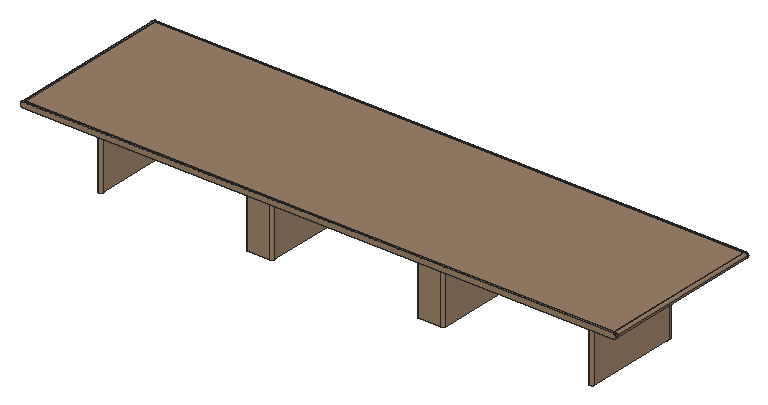
Revit family "Table-Teknion-CFTBFG_Figure_Table_Rectangular_Gable_Leg_Bullnose_Flat_Edge-R2023", category Furniture, Revit 2023 (continued)
Definition of nested family "12 Inch Standard Recessed Access Door"
  Lines and regions (in)
    Masking region 1
      outline origin (-2.51969, 0, 0) x (1, 0, 0) y (0, 1, 0)
        loop
          arc (1358.18774, -151.85039) -> (1358.15351, -151.93304) -> (1358.07087, -151.96727) r 0.11687
          line (1358.07087, -151.96727) -> (1346.9685, -151.96727)
          arc (1346.9685, -151.96727) -> (1346.88586, -151.93304) -> (1346.85163, -151.85039) r 0.11687
          line (1346.85163, -151.85039) -> (1346.85163, -151.55173) -> (1346.77955, -151.55173)
    symbolic lines
      curve 1: line (1344.22024, -152.28346, 0) -> (1344.22024, -147.71654, 0)
      curve 2: line (1344.49213, -147.44465, 0) -> (1355.50787, -147.44465, 0)
      curve 3: arc (1344.22024, -147.71654, 0) -> (1344.29987, -147.52428, 0) -> (1344.49213, -147.44465, 0) r 0.27189
      curve 4: line (1355.77976, -147.71654, 0) -> (1355.77976, -152.28346, 0)
      curve 5: arc (1355.50787, -147.44465, 0) -> (1355.70013, -147.52428, 0) -> (1355.77976, -147.71654, 0) r 0.27189
      curve 6: line (1355.50787, -152.55535, 0) -> (1344.49213, -152.55535, 0)
      curve 7: arc (1355.77976, -152.28346, 0) -> (1355.70013, -152.47572, 0) -> (1355.50787, -152.55535, 0) r 0.27189
      curve 8: arc (1344.49213, -152.55535, 0) -> (1344.29987, -152.47572, 0) -> (1344.22024, -152.28346, 0) r 0.27189
      curve 9: line (1344.33195, -148.14961, 0) -> (1344.33195, -151.85039, 0)
      curve 10: line (1355.66805, -151.85039, 0) -> (1355.66805, -148.14961, 0)
      curve 11: line (1344.25986, -147.71654, 0) -> (1344.25986, -152.28346, 0)
      curve 12: line (1355.74014, -147.71654, 0) -> (1355.74014, -152.28346, 0)
      curve 41: line (1344.33195, -148.14961, 0) -> (1344.33195, -151.85039, 0)
      curve 42: line (1355.55118, -148.03273, 0) -> (1344.44882, -148.03273, 0)
      curve 43: arc (1344.44882, -148.03273, 0) -> (1344.36618, -148.06696, 0) -> (1344.33195, -148.14961, 0) r 0.11687
      curve 44: line (1355.66805, -151.85039, 0) -> (1355.66805, -148.14961, 0)
      curve 45: arc (1355.66805, -148.14961, 0) -> (1355.63382, -148.06696, 0) -> (1355.55118, -148.03273, 0) r 0.11687
      curve 46: line (1344.44882, -151.96727, 0) -> (1355.55118, -151.96727, 0)
      curve 47: arc (1355.55118, -151.96727, 0) -> (1355.63382, -151.93304, 0) -> (1355.66805, -151.85039, 0) r 0.11687
      curve 48: arc (1344.33195, -151.85039, 0) -> (1344.36618, -151.93304, 0) -> (1344.44882, -151.96727, 0) r 0.11687
      curve 49: line (1344.25986, -152.28346, 0) -> (1344.25986, -151.55173, 0)
      curve 50: line (1355.50787, -152.51573, 0) -> (1344.49213, -152.51573, 0)
      curve 51: arc (1344.49213, -152.51573, 0) -> (1344.32789, -152.4477, 0) -> (1344.25986, -152.28346, 0) r 0.23226
      curve 52: line (1355.74014, -151.55173, 0) -> (1355.74014, -152.28346, 0)
      curve 53: arc (1355.74014, -152.28346, 0) -> (1355.67211, -152.4477, 0) -> (1355.50787, -152.51573, 0) r 0.23226
      curve 54: line (1344.25986, -148.44827, 0) -> (1344.25986, -147.71654, 0)
      curve 55: line (1344.49213, -147.48427, 0) -> (1355.50787, -147.48427, 0)
      curve 56: arc (1344.25986, -147.71654, 0) -> (1344.32789, -147.5523, 0) -> (1344.49213, -147.48427, 0) r 0.23226
      curve 57: line (1355.74014, -147.71654, 0) -> (1355.74014, -148.44827, 0)
      curve 58: arc (1355.50787, -147.48427, 0) -> (1355.67211, -147.5523, 0) -> (1355.74014, -147.71654, 0) r 0.23226
      curve 59: line (1355.56299, -147.19685, 0) -> (1344.43701, -147.19685, 0)
      curve 60: arc (1344.43701, -147.19685, 0) -> (1344.10851, -147.33292, 0) -> (1343.97244, -147.66142, 0) r 0.46457
      curve 61: line (1343.97244, -147.66142, 0) -> (1343.97244, -152.33858, 0)
      curve 62: arc (1343.97244, -152.33858, 0) -> (1344.10851, -152.66708, 0) -> (1344.43701, -152.80315, 0) r 0.46457
      curve 63: line (1344.43701, -152.80315, 0) -> (1355.56299, -152.80315, 0)
      curve 64: arc (1355.56299, -152.80315, 0) -> (1355.89149, -152.66708, 0) -> (1356.02756, -152.33858, 0) r 0.46457
      curve 65: line (1356.02756, -152.33858, 0) -> (1356.02756, -147.66142, 0)
      curve 66: arc (1356.02756, -147.66142, 0) -> (1355.89149, -147.33292, 0) -> (1355.56299, -147.19685, 0) r 0.46457
    symbolic lines, detail levels medium+fine
      curve 13: line (1345.02559, -150.97283, 0) -> (1345.50591, -150.97283, 0)
      curve 14: line (1345.50591, -150.97283, 0) -> (1345.50591, -151.5626, 0)
      curve 15: line (1345.50591, -151.5626, 0) -> (1345.02559, -151.5626, 0)
      curve 16: line (1345.02559, -151.5626, 0) -> (1345.02559, -150.97283, 0)
      curve 17: line (1354.49409, -148.4374, 0) -> (1354.97441, -148.4374, 0)
      curve 18: line (1354.49409, -149.02717, 0) -> (1354.49409, -148.4374, 0)
      curve 19: line (1354.97441, -149.02717, 0) -> (1354.49409, -149.02717, 0)
      curve 20: line (1354.97441, -148.4374, 0) -> (1354.97441, -149.02717, 0)
      curve 21: line (1344.53543, -148.44685, 0) -> (1344.95276, -148.44685, 0)
      curve 22: line (1344.53543, -151.55315, 0) -> (1344.53543, -148.44685, 0)
      curve 23: line (1344.95276, -151.55315, 0) -> (1344.53543, -151.55315, 0)
      curve 24: line (1344.95276, -148.44685, 0) -> (1344.95276, -151.55315, 0)
      curve 25: line (1344.50394, -151.55173, 0) -> (1344.22024, -151.55173, 0)
      curve 26: line (1344.50394, -151.55173, 0) -> (1344.50394, -148.44827, 0)
      curve 27: line (1344.50394, -148.44827, 0) -> (1344.22024, -148.44827, 0)
      curve 28: line (1344.25986, -148.55314, 0) -> (1344.89764, -148.55314, 0)
      curve 29: line (1344.89764, -148.55314, 0) -> (1344.89764, -151.44686, 0)
      curve 30: line (1344.89764, -151.44686, 0) -> (1344.25986, -151.44686, 0)
      curve 31: line (1355.46457, -148.44685, 0) -> (1355.04724, -148.44685, 0)
      curve 32: line (1355.46457, -151.55315, 0) -> (1355.46457, -148.44685, 0)
      curve 33: line (1355.04724, -151.55315, 0) -> (1355.46457, -151.55315, 0)
      curve 34: line (1355.04724, -148.44685, 0) -> (1355.04724, -151.55315, 0)
      curve 35: line (1355.49606, -151.55173, 0) -> (1355.77976, -151.55173, 0)
      curve 36: line (1355.49606, -151.55173, 0) -> (1355.49606, -148.44827, 0)
      curve 37: line (1355.49606, -148.44827, 0) -> (1355.77976, -148.44827, 0)
      curve 38: line (1355.74014, -148.55314, 0) -> (1355.10236, -148.55314, 0)
      curve 39: line (1355.10236, -148.55314, 0) -> (1355.10236, -151.44686, 0)
      curve 40: line (1355.10236, -151.44686, 0) -> (1355.74014, -151.44686, 0)
  Dimensions and locks (in)
    plane 4 "Left" to plane 5 "Right" = 12.05512"
    plane 6 "Back" to plane 7 "Front" = 5.6063"
    locked: plane 8 "Top" to level at 29.06
    equal spacing: plane 7 "Front", plane 1 "Center Front/Back", plane 6 "Back"
    equal spacing: plane 4 "Left", plane 3 "Center Left/Right", plane 5 "Right"
    plane 9 to plane 8 "Top" to plane 10 = 0.07087" locked, 1.50394" locked
    aligned and locked: level to plane 2
    aligned and locked: Sweep 6 sketch curve to plane 3 "Center Left/Right"
    aligned and locked: plane 3 "Center Left/Right" to SweptBlend 8 sketch curve
    aligned and locked: Sweep 10 sketch curve to plane 1 "Center Front/Back"
  Automatic sketch dimensions
    Sweep 1 sketch curve to plane 3 "Center Left/Right" = 0.000"
    Sweep 1 sketch curve to plane 8 "Top" = 0.12598"
    plane 8 "Top" to Sweep 1 sketch curve = 0.0315"
    Sweep 1 sketch curve to plane 1 "Center Front/Back" = 1.96727"
    Sweep 1 sketch curve to Sweep 1 sketch curve = 0.11687"  (x3)
    plane 1 "Center Front/Back" to Sweep 1 sketch curve = 1.85039"  (x2)
    profile plane to Sweep 1 sketch curve = 5.66805"
    Sweep 1 sketch curve to profile plane = 5.55118"
    plane 4 "Left" to Sweep 2 sketch curve = 1.05315"
    plane 1 "Center Front/Back" to Sweep 2 sketch curve = 0.97077"
    Sweep 2 sketch curve to Sweep 2 sketch curve = 0.48031"
    Sweep 2 sketch curve to profile plane = 0.000"
    profile plane to Sweep 2 sketch curve = 0.01169"
    Sweep 2 sketch curve to Sweep 2 sketch curve = 0.28526"
    Sweep 2 sketch curve to Sweep 2 sketch curve = 0.01169"
    level to Sweep 2 sketch curve = 28.65831"
    Sweep 2 sketch curve to Sweep 2 sketch curve = 0.33476"
    plane 5 "Right" to Sweep 3 sketch curve = 1.53346"
    Sweep 3 sketch curve to plane 6 "Back" = 1.23848"
    Sweep 3 sketch curve to Sweep 3 sketch curve = 0.48031"
    Sweep 3 sketch curve to profile plane = 0.000"
    profile plane to Sweep 3 sketch curve = 0.01169"
    Sweep 3 sketch curve to Sweep 3 sketch curve = 0.28526"
    Sweep 3 sketch curve to Sweep 3 sketch curve = 0.01169"
    level to Sweep 3 sketch curve = 28.65831"
    Sweep 3 sketch curve to Sweep 3 sketch curve = 0.33476"
    plane 1 "Center Front/Back" to Sweep 4 sketch curve = 0.000"
    plane 4 "Left" to Sweep 4 sketch curve = 0.56299"
    Sweep 4 sketch curve to Sweep 4 sketch curve = 0.41732"
    Sweep 4 sketch curve to Sweep 4 sketch curve = 0.000"  (x4)
    profile plane to Sweep 4 sketch curve = 1.26772"
    Sweep 4 sketch curve to profile plane = 1.26772"
    level to Sweep 4 sketch curve = 28.38283"
    Sweep 4 sketch curve to Sweep 4 sketch curve = 0.28543"
    plane 1 "Center Front/Back" to Sweep 5 sketch curve = 0.000"
    plane 5 "Right" to Sweep 5 sketch curve = 0.56299"
    Sweep 5 sketch curve to Sweep 5 sketch curve = 0.41732"
    Sweep 5 sketch curve to Sweep 5 sketch curve = 0.000"  (x4)
    profile plane to Sweep 5 sketch curve = 1.26772"
    Sweep 5 sketch curve to profile plane = 1.26772"
    level to Sweep 5 sketch curve = 28.38283"
    Sweep 5 sketch curve to Sweep 5 sketch curve = 0.28543"
    Sweep 6 sketch curve to plane 10 = 0.000"
    Sweep 6 sketch curve to Sweep 6 sketch curve = 0.74566"
    Sweep 6 sketch curve to Sweep 6 sketch curve = 0.000"  (x8)
    Sweep 6 sketch curve to plane 1 "Center Front/Back" = 2.60628"
    Sweep 6 sketch curve to Sweep 6 sketch curve = 0.09055"  (x2)
    Sweep 6 sketch curve to Sweep 6 sketch curve = 0.23226"  (x3)
    Sweep 6 sketch curve to Sweep 6 sketch curve = 0.8366"  (x4)
    Sweep 6 sketch curve to Sweep 6 sketch curve = 0.09061"  (x4)
    plane 1 "Center Front/Back" to Sweep 6 sketch curve = 1.35626"  (x2)
    profile plane to Sweep 6 sketch curve = 5.83069"
    Sweep 6 sketch curve to Sweep 6 sketch curve = 0.63777"
    Sweep 6 sketch curve to profile plane = 5.10236"
    Sweep 6 sketch curve to Sweep 6 sketch curve = 0.40551"
    SweptBlend 7 sketch curve to plane 3 "Center Left/Right" = 0.000"
    SweptBlend 7 sketch curve to plane 8 "Top" = 0.000"
    plane 10 to SweptBlend 7 sketch curve = 0.74566"
    profile plane to SweptBlend 7 sketch curve = 5.83069"
    SweptBlend 7 sketch curve to SweptBlend 7 sketch curve = 0.32281"  (x3)
    SweptBlend 7 sketch curve to profile plane = 5.50787"  (x3)
    SweptBlend 7 sketch curve to plane 1 "Center Front/Back" = 2.60628"
    plane 1 "Center Front/Back" to SweptBlend 7 sketch curve = 2.28346"  (x2)
    SweptBlend 8 sketch curve to plane 9 = 0.000"
    plane 10 to SweptBlend 8 sketch curve = 0.74566"
    profile plane to SweptBlend 8 sketch curve = 5.74014"
    SweptBlend 8 sketch curve to SweptBlend 8 sketch curve = 0.23226"  (x3)
    SweptBlend 8 sketch curve to profile plane = 5.50787"  (x4)
    SweptBlend 8 sketch curve to plane 1 "Center Front/Back" = 2.51573"
    plane 1 "Center Front/Back" to SweptBlend 8 sketch curve = 2.28346"  (x2)
    profile plane to SweptBlend 8 sketch curve = 5.78346"
    SweptBlend 8 sketch curve to SweptBlend 8 sketch curve = 0.27559"  (x3)
    SweptBlend 8 sketch curve to plane 1 "Center Front/Back" = 2.28346"
    Sweep 9 sketch curve to plane 3 "Center Left/Right" = 0.000"
    Sweep 9 sketch curve to plane 8 "Top" = 0.000"
    Sweep 9 sketch curve to plane 9 = 0.000"
    Sweep 9 sketch curve to plane 1 "Center Front/Back" = 2.80315"
    Sweep 9 sketch curve to Sweep 9 sketch curve = 0.2478"  (x2)
    Sweep 9 sketch curve to Sweep 9 sketch curve = 0.21677"  (x4)
    Sweep 9 sketch curve to Sweep 9 sketch curve = 0.05512"  (x5)
    plane 1 "Center Front/Back" to Sweep 9 sketch curve = 2.28346"  (x2)
    profile plane to Sweep 9 sketch curve = 6.02756"
    Sweep 9 sketch curve to profile plane = 5.50787"
    plane 4 "Left" to Sweep 10 sketch curve = 0.22679"
    Sweep 10 sketch curve to Sweep 10 sketch curve = 0.30471"
    profile plane to Sweep 10 sketch curve = 1.55173"
    Sweep 10 sketch curve to Sweep 10 sketch curve = 0.01431"
    Sweep 10 sketch curve to Sweep 10 sketch curve = 0.07874"  (x2)
    Sweep 10 sketch curve to Sweep 10 sketch curve = 0.00137"  (x2)
    Sweep 10 sketch curve to Sweep 10 sketch curve = 0.23608"  (x2)
    Sweep 10 sketch curve to profile plane = 1.30134"
    Sweep 10 sketch curve to Sweep 10 sketch curve = 0.17027"
    level to Sweep 10 sketch curve = 28.30409"
    Sweep 10 sketch curve to Sweep 10 sketch curve = 0.000"
    Sweep 10 sketch curve to Sweep 10 sketch curve = 0.03937"
    Sweep 10 sketch curve to Sweep 10 sketch curve = 0.3622"  (x2)
    Sweep 10 sketch curve to Sweep 10 sketch curve = 0.00824"
    plane 1 "Center Front/Back" to Sweep 11 sketch curve = 0.000"
    plane 5 "Right" to Sweep 11 sketch curve = 0.22679"
    Sweep 11 sketch curve to Sweep 11 sketch curve = 0.30471"
    profile plane to Sweep 11 sketch curve = 1.55173"
    Sweep 11 sketch curve to Sweep 11 sketch curve = 0.01431"
    Sweep 11 sketch curve to Sweep 11 sketch curve = 0.07874"  (x2)
    Sweep 11 sketch curve to Sweep 11 sketch curve = 0.00137"  (x2)
    Sweep 11 sketch curve to Sweep 11 sketch curve = 0.23608"  (x2)
    Sweep 11 sketch curve to profile plane = 1.30134"
    Sweep 11 sketch curve to Sweep 11 sketch curve = 0.17027"
    level to Sweep 11 sketch curve = 28.30409"
    Sweep 11 sketch curve to Sweep 11 sketch curve = 0.000"
    Sweep 11 sketch curve to Sweep 11 sketch curve = 0.03937"
    Sweep 11 sketch curve to Sweep 11 sketch curve = 0.3622"  (x2)
    Sweep 11 sketch curve to Sweep 11 sketch curve = 0.00824"
    SweptBlend 7 sketch curve to plane 1 "Center Front/Back" = 2.28346"
    profile plane to SweptBlend 7 sketch curve = 5.87043"
    SweptBlend 7 sketch curve to SweptBlend 7 sketch curve = 0.36255"  (x3)
    SweptBlend 7 sketch curve to SweptBlend 7 sketch curve = 0.000"
    curve 3 to curve 56 = 0.000"  (x2)
    curve 5 to curve 58 = 0.000"  (x2)
    curve 7 to curve 53 = 0.000"
    curve 8 to curve 51 = 0.000"  (x2)
    plane 6 "Back" to curve 59 = 0.000"
    plane 7 "Front" to curve 62 = 0.000"
    curve 61 to plane 7 "Front" = 0.46457"
    plane 5 "Right" to curve 61 = 12.05512"
    curve 60 to curve 1 = 0.2478"
    curve 3 to curve 54 = 0.03963"
    curve 54 to curve 9 = 0.07208"
    curve 11 to curve 59 = 0.17714"
    curve 48 to curve 46 = 0.11687"
    curve 43 to curve 42 = 0.11687"
    curve 62 to curve 6 = 0.05512"
    curve 60 to curve 3 = 0.05512"
    curve 49 to curve 26 = 0.24407"
    curve 26 to curve 22 = 0.0315"
    curve 22 to curve 30 = 0.3622"
    curve 29 to curve 23 = 0.05512"
    curve 23 to curve 15 = 0.07283"
    curve 15 to curve 14 = 0.48031"
    curve 18 to plane 6 "Back" = 1.24055"
    curve 21 to curve 18 = 9.54134"
    curve 18 to curve 19 = 0.48031"
    curve 33 to plane 7 "Front" = 1.250"
    curve 19 to curve 33 = 0.07283"
    curve 31 to curve 39 = 0.05512"
    curve 39 to curve 33 = 0.3622"
    curve 31 to curve 36 = 0.0315"
    curve 2 to plane 6 "Back" = 0.2478"
    curve 31 to curve 2 = 0.04331"
    curve 32 to curve 53 = 0.04331"
    curve 35 to curve 47 = 0.05512"
    curve 36 to curve 45 = 0.05512"
    curve 5 to curve 66 = 0.05512"
    curve 7 to curve 64 = 0.05512"
    curve 47 to curve 44 = 0.11687"
    curve 66 to curve 57 = 0.17714"
    curve 4 to curve 65 = 0.2478"
    curve 6 to curve 64 = 0.21677"
    curve 51 to curve 46 = 0.3162"
    curve 48 to curve 14 = 0.28779"
    curve 15 to curve 23 = 0.00945"
    curve 32 to curve 36 = 0.00142"
    curve 22 to curve 26 = 0.00142"
    curve 33 to curve 39 = 0.10628"
    curve 23 to curve 29 = 0.10628"
    curve 14 to curve 13 = 0.58977"
    curve 19 to curve 17 = 0.58977"
    curve 39 to curve 17 = 0.11574"
    curve 28 to curve 56 = 0.8366"
    curve 28 to curve 27 = 0.10486"
    curve 38 to curve 37 = 0.10486"
    curve 36 to curve 31 = 0.00142"
    curve 28 to curve 24 = 0.10628"
    curve 57 to curve 10 = 0.29867"
    plane 6 "Back" to Masking region 1 sketch curve = 0.000"
    plane 7 "Front" to Masking region 1 sketch curve = 0.000"
    Masking region 1 sketch curve to plane 7 "Front" = 0.46457"
    plane 5 "Right" to Masking region 1 sketch curve = 12.05512"
    Masking region 1 sketch curve to Masking region 1 sketch curve = 0.28742"  (x2)
    Masking region 1 sketch curve to Masking region 1 sketch curve = 0.17714"  (x3)
    Masking region 1 sketch curve to Masking region 1 sketch curve = 0.07208"  (x3)
    Masking region 1 sketch curve to Masking region 1 sketch curve = 0.11687"  (x4)
    Masking region 1 sketch curve to Masking region 1 sketch curve = 0.05512"  (x4)
    Masking region 1 sketch curve to plane 7 "Front" = 0.28742"
    Masking region 1 sketch curve to Masking region 1 sketch curve = 11.01575"
    Masking region 1 sketch curve to plane 6 "Back" = 0.51969"
    Masking region 1 sketch curve to Masking region 1 sketch curve = 0.000"
    Masking region 1 sketch curve to Masking region 1 sketch curve = 0.04331"  (x2)
    Masking region 1 sketch curve to Masking region 1 sketch curve = 0.3162"
    Masking region 1 sketch curve to Masking region 1 sketch curve = 0.29867"  (x3)
    Masking region 1 sketch curve to Masking region 1 sketch curve = 0.73174"  (x2)
Definition of nested family "Softened Panel"
  Parameters (values of type "Softened Panel")
    Warranty = "http://www.teknion.com/ca/papers/legal-canada"
    Unit Weight URL = "http://www.teknion.com/ca/tools/assets#&asset=bee6a381-b954-425e-8283-5a2de3a804f2,f828d448-4b62-4231-9e5f-9a8991c0ed77"
    URL = "www.teknion.com"
    To render please download texture images found here [instance] = "https://assets.teknion.com/web/5e81352c1dfdb467/revit-material-swatches/"
    Sustainability Data = "https://www.teknion.com/ca/tools/assets#&topic=216f99a5-57a0-44fc-b10a-9dee9b29ae4c&asset=444deb64-fe58-4b68-981e-f75e97781df7,b4ff2d81-9f2e-437d-9659-7cffb09c31cf"
    Series = ""
    Product Page URL = ""
    Product Line = ""
    Product Documentation Link = ""
    Part Number = ""
    Panel Width [instance] = 36.000"
    Model = ""
    Manufacturer Phone = "416-661-3370"  # constant formula
    Manufacturer Fax = "416.661.4586"  # constant formula
    Manufacturer Contact Information = "http://www.teknion.com/ca/contactus"
    Manufacturer Address = "1150 Flint Road, Toronto, ON. M3J 2J5. Canada"  # constant formula
    Manufacturer = "Teknion"  # constant formula
    How To Use Teknion Materials User Guide [instance] = "https://assets.teknion.com/m/205dd0a49fa58060/original/How-to-add-a-Material-Library-and-Texture-Images-to-your-Revit-project.pdf"
    Glide Finish [instance] = none
    For Additional Finishes please visit [instance] = "https://assets.teknion.com/m/44a8009b046e5d47/original/Teknion_Materials_Library.zip"
    Cut 3 [instance] = if(Panel Width = 36.000", 0.300", 5.000")  # 0.300"
    Cut 2 [instance] = if(Panel Width = 36.000", 0.300", 15.000")  # 0.300"
    Cut 1 [instance] = if(Panel Width = 30.000", 0.300", 15.000")  # 15.000"
    Description = "Softened Panel"
    Default Elevation = 0.000"
    Base Finish [instance] = none
    Assembly Code = "E2020200"
    2D - 36W [instance] = Panel Width = 36.000"  # yes
    2D - 30W [instance] = Panel Width = 30.000"  # no
  Reference planes (in)
    plane 1 "Center Front/Back": y = 0
    plane 2: z = 0
    plane 3 "Center Left/Right": x = 0
    plane 4 "Left": x = -5
    plane 5 "Right": x = 5
    plane 6 "Back": y = 18
    plane 7 "Front": y = -18
    plane 8 "Top": z = 26.75
    plane 9 "1": y = -16.646
    plane 10 "2": y = 16.646
    plane 11: z = 0.5
  Forms (in)
    Revolve 1, solid, material <- "Glide Finish"
      sketch origin (0, -16.646, 0) x (-1, 0, 0) y (0, 0, 1)
        loop
          line (3.64645, 0.25) -> (3.64645, 0) -> (4.14645, 0) -> (4.14645, 0.25) -> (3.64645, 0.25)
        axis (3.64645, 0.25) -> (3.64645, 0)
      angle from 0 to 360
    Revolve 2, solid, material <- "Glide Finish"
      sketch origin (7.81887, -16.646, 0) x (-1, 0, 0) y (0, 0, 1)
        loop
          line (4.17242, 0.25) -> (4.17242, 0) -> (4.67242, 0) -> (4.67242, 0.25) -> (4.17242, 0.25)
        axis (4.17242, 0.25) -> (4.17242, 0)
      angle from 0 to 360
    Revolve 3, solid, material <- "Glide Finish"
      sketch origin (0, 16.646, 0) x (-1, 0, 0) y (0, 0, 1)
        loop
          line (3.64645, 0.25) -> (3.64645, 0) -> (4.14645, 0) -> (4.14645, 0.25) -> (3.64645, 0.25)
        axis (3.64645, 0.25) -> (3.64645, 0)
      angle from 0 to 360
    Revolve 4, solid, material <- "Glide Finish"
      sketch origin (0, 16.646, 0) x (-1, 0, 0) y (0, 0, 1)
        loop
          line (-3.64645, 0.25) -> (-3.64645, 0) -> (-3.14645, 0) -> (-3.14645, 0.25) -> (-3.64645, 0.25)
        axis (-3.64645, 0.25) -> (-3.64645, 0)
      angle from 0 to 360
    Sweep 5, solid, material <- "Glide Finish"
      path origin (0, 0, 0) x (1, 0, 0) y (0, 0, 1)
        loop
          line (0, 0.5) -> (0, 0.25)
      profile origin (0, 0, 0.375) x (0, -1, 0) y (1, 0, 0)
        loop
          line (16.3335, -3.82713) -> (16.646, -4.00755) -> (16.9585, -3.82713) -> (16.9585, -3.46628) -> (16.646, -3.28586) -> (16.3335, -3.46628) -> (16.3335, -3.82713)
        loop
          line (16.3335, 3.46628) -> (16.646, 3.28586) -> (16.9585, 3.46628) -> (16.9585, 3.82713) -> (16.646, 4.00755) -> (16.3335, 3.82713) -> (16.3335, 3.46628)
        loop
          line (-16.9585, 3.46628) -> (-16.646, 3.28586) -> (-16.3335, 3.46628) -> (-16.3335, 3.82713) -> (-16.646, 4.00755) -> (-16.9585, 3.82713) -> (-16.9585, 3.46628)
        loop
          line (-16.9585, -3.82713) -> (-16.646, -4.00755) -> (-16.3335, -3.82713) -> (-16.3335, -3.46628) -> (-16.646, -3.28586) -> (-16.9585, -3.46628) -> (-16.9585, -3.82713)
    Sweep 6, solid, material <- "Base Finish"
      path origin (0, 0, 0) x (1, 0, 0) y (0, 0, 1)
        loop
          line (0, 26.75) -> (0, 0.5)
      profile origin (0, 0, 13.625) x (0, -1, 0) y (1, 0, 0)
        loop
          line (17, 5) -> (-17, 5)
          arc (-17, 5) -> (-17.70711, 4.70711) -> (-18, 4) r 1
          line (-18, 4) -> (-18, -4)
          arc (-18, -4) -> (-17.70711, -4.70711) -> (-17, -5) r 1
          line (-17, -5) -> (17, -5)
          arc (17, -5) -> (17.70711, -4.70711) -> (18, -4) r 1
          line (18, -4) -> (18, 4)
          arc (18, 4) -> (17.70711, 4.70711) -> (17, 5) r 1
    Sweep 7, void
      path origin (0, 0, 0) x (1, 0, 0) y (0, 1, 0)
        loop
          line (7.5, 0) -> (-7.5, 0)
      profile origin (0, 0, 0) x (0, -1, 0) y (0, 0, 1)
        loop
          line (-5, 27.5) -> (-5, 24.5)
          arc (-5, 24.5) -> (-4.85355, 24.14645) -> (-4.5, 24) r 0.5
          line (-4.5, 24) -> (4.5, 24)
          arc (4.5, 24) -> (4.85355, 24.14645) -> (5, 24.5) r 0.5
          line (5, 24.5) -> (5, 27.5) -> (-5, 27.5)
    Sweep 8, void
      path origin (0, 0, 0) x (1, 0, 0) y (0, 0, 1)
        loop
          line (0, 26) -> (0, 1.25)
      profile origin (0, 0, 13.625) x (0, -1, 0) y (1, 0, 0)
        loop
          line (-17.25, -4.25) -> (17.25, -4.25) -> (17.25, 4.25) -> (-17.25, 4.25) -> (-17.25, -4.25)
    Sweep 9, void
      path origin (0, 0, 0) x (1, 0, 0) y (0, 0, 1)
        loop
          line (0, 0) -> (0, 2)
      profile origin (0, 0, 1) x (-1, 0, 0) y (0, -1, 0)
        loop
          arc (3, -2.64575) -> (4, 0) -> (3, 2.64575) r 4
          line (3, 2.64575) -> (3, 4.5)
          arc (3, 4.5) -> (2.85355, 4.85355) -> (2.5, 5) r 0.5
          line (2.5, 5) -> (-2.5, 5)
          arc (-2.5, 5) -> (-2.85355, 4.85355) -> (-3, 4.5) r 0.5
          line (-3, 4.5) -> (-3, 2.64575)
          arc (-3, 2.64575) -> (-4, 0) -> (-3, -2.64575) r 4
          line (-3, -2.64575) -> (-3, -4.5)
          arc (-3, -4.5) -> (-2.85355, -4.85355) -> (-2.5, -5) r 0.5
          line (-2.5, -5) -> (2.5, -5)
          arc (2.5, -5) -> (2.85355, -4.85355) -> (3, -4.5) r 0.5
          line (3, -4.5) -> (3, -2.64575)
    Sweep 10, void
      path origin (0, 0, 0) x (1, 0, 0) y (0, 1, 0)
        loop
          line (-2.5, 0) -> (-7.5, 0)
      profile origin (-5, 0, 0) x (0, -1, 0) y (0, 0, 1)
        loop
          line (-3.9, 21) -> (-3.9, 4.6) -> (3.9, 4.6) -> (3.9, 21) -> (-3.9, 21)
        loop
          line (-4, 22) -> (-4, 4.5) -> (4, 4.5) -> (4, 22)
          arc (4, 22) -> (3.85355, 22.35355) -> (3.5, 22.5) r 0.5
          line (3.5, 22.5) -> (-3.5, 22.5)
          arc (-3.5, 22.5) -> (-3.85355, 22.35355) -> (-4, 22) r 0.5
    Sweep 11, void
      path origin (0, 0, 0) x (1, 0, 0) y (0, 1, 0)
        loop
          line (7.5, 0) -> (7.2, 0)
      profile origin (7.35, 0, 0) x (0, -1, 0) y (0, 0, 1)
        loop
          arc (2.75, 24) -> (2.92678, 24.07322) -> (3, 24.25) r 0.25
          line (3, 24.25) -> (3, 25.75)
          arc (3, 25.75) -> (2.92678, 25.92678) -> (2.75, 26) r 0.25
          line (2.75, 26) -> (-2.75, 26)
          arc (-2.75, 26) -> (-2.92678, 25.92678) -> (-3, 25.75) r 0.25
          line (-3, 25.75) -> (-3, 24.25)
          arc (-3, 24.25) -> (-2.92678, 24.07322) -> (-2.75, 24) r 0.25
          line (-2.75, 24) -> (2.75, 24)
    Sweep 12, void
      path origin (0, 0, 0) x (1, 0, 0) y (0, 0, 1)
        loop
          line (0, 28.75) -> (0, 28.45)
      profile origin (0, 0, 28.6) x (0, -1, 0) y (1, 0, 0)
        loop
          arc (4.5, -3) -> (4.85355, -2.85355) -> (5, -2.5) r 0.5
          line (5, -2.5) -> (5, 2.5)
          arc (5, 2.5) -> (4.85355, 2.85355) -> (4.5, 3) r 0.5
          line (4.5, 3) -> (-4.5, 3)
          arc (-4.5, 3) -> (-4.85355, 2.85355) -> (-5, 2.5) r 0.5
          line (-5, 2.5) -> (-5, -2.5)
          arc (-5, -2.5) -> (-4.85355, -2.85355) -> (-4.5, -3) r 0.5
          line (-4.5, -3) -> (4.5, -3)
  Cuts and joins
    joined: Revolve 1, Revolve 2, Revolve 3, Revolve 4, Sweep 5
    Sweep 7, Sweep 8, Sweep 9, Sweep 10, Sweep 11, Sweep 12 cuts Sweep 6
  Lines and regions (in)
    symbolic lines, detail levels medium+fine
      curve 1: line (-5, 17, 0) -> (-5, -17, 0)
      curve 2: arc (-5, -17, 0) -> (-4.70711, -17.70711, 0) -> (-4, -18, 0) r 1
      curve 3: line (-4, -18, 0) -> (4, -18, 0)
      curve 4: arc (4, -18, 0) -> (4.70711, -17.70711, 0) -> (5, -17, 0) r 1
      curve 5: line (5, -17, 0) -> (5, 17, 0)
      curve 6: arc (5, 17, 0) -> (4.70711, 17.70711, 0) -> (4, 18, 0) r 1
      curve 7: line (4, 18, 0) -> (-4, 18, 0)
      curve 8: arc (-4, 18, 0) -> (-4.70711, 17.70711, 0) -> (-5, 17, 0) r 1
      curve 9: line (4.25, 17.25, 0) -> (-4.25, 17.25, 0)
      curve 10: line (-4.25, 17.25, 0) -> (-4.25, -17.25, 0)
      curve 11: line (-4.25, -17.25, 0) -> (4.25, -17.25, 0)
      curve 12: line (4.25, -17.25, 0) -> (4.25, 17.25, 0)
      curve 13: arc (3, 2.64575, 0) -> (4, 0, 0) -> (3, -2.64575, 0) r 4
      curve 14: line (3, -2.64575, 0) -> (3, -4.5, 0)
      curve 15: arc (3, -4.5, 0) -> (2.85355, -4.85355, 0) -> (2.5, -5, 0) r 0.5
      curve 16: line (2.5, -5, 0) -> (-2.5, -5, 0)
      curve 17: arc (-2.5, -5, 0) -> (-2.85355, -4.85355, 0) -> (-3, -4.5, 0) r 0.5
      curve 18: line (-3, -4.5, 0) -> (-3, -2.64575, 0)
      curve 19: arc (-3, -2.64575, 0) -> (-4, 0, 0) -> (-3, 2.64575, 0) r 4
      curve 20: line (-3, 2.64575, 0) -> (-3, 4.5, 0)
      curve 21: arc (-3, 4.5, 0) -> (-2.85355, 4.85355, 0) -> (-2.5, 5, 0) r 0.5
      curve 22: line (-2.5, 5, 0) -> (2.5, 5, 0)
      curve 23: arc (2.5, 5, 0) -> (2.85355, 4.85355, 0) -> (3, 4.5, 0) r 0.5
      curve 24: line (3, 4.5, 0) -> (3, 2.64575, 0)
    symbolic lines, visible <- "2D - 30W", detail levels medium+fine
      curve 25: line (-3, 4.5, 0) -> (-3, -4.5, 0)
      curve 26: line (3, -4.5, 0) -> (3, 4.5, 0)
    symbolic lines, detail levels fine
      curve 27: line (-4.25, 4, 0) -> (-5, 4, 0)
      curve 28: line (-5, 3.9, 0) -> (-4.25, 3.9, 0)
      curve 29: line (-4.25, -3.9, 0) -> (-5, -3.9, 0)
      curve 30: line (-5, -4, 0) -> (-4.25, -4, 0)
      curve 37: line (-3.46628, 16.9585, 0) -> (-3.82713, 16.9585, 0)
      curve 38: line (-3.82713, 16.9585, 0) -> (-4.00755, 16.646, 0)
      curve 39: line (-4.00755, 16.646, 0) -> (-3.82713, 16.3335, 0)
      curve 40: line (-3.82713, 16.3335, 0) -> (-3.46628, 16.3335, 0)
      curve 41: line (-3.46628, 16.3335, 0) -> (-3.28586, 16.646, 0)
      curve 42: line (-3.28586, 16.646, 0) -> (-3.46628, 16.9585, 0)
      curve 43: arc (-4.14645, 16.646, 0) -> (-3.64645, 17.146, 0) -> (-3.14645, 16.646, 0) r 0.5
      curve 44: arc (-3.14645, 16.646, 0) -> (-3.64645, 16.146, 0) -> (-4.14645, 16.646, 0) r 0.5
      curve 45: line (3.82713, 16.9585, 0) -> (3.46628, 16.9585, 0)
      curve 46: line (3.46628, 16.9585, 0) -> (3.28586, 16.646, 0)
      curve 47: line (3.28586, 16.646, 0) -> (3.46628, 16.3335, 0)
      curve 48: line (3.46628, 16.3335, 0) -> (3.82713, 16.3335, 0)
      curve 49: line (3.82713, 16.3335, 0) -> (4.00755, 16.646, 0)
      curve 50: line (4.00755, 16.646, 0) -> (3.82713, 16.9585, 0)
      curve 51: arc (3.14645, 16.646, 0) -> (3.64645, 17.146, 0) -> (4.14645, 16.646, 0) r 0.5
      curve 52: arc (4.14645, 16.646, 0) -> (3.64645, 16.146, 0) -> (3.14645, 16.646, 0) r 0.5
      curve 53: line (3.82713, -16.3335, 0) -> (3.46628, -16.3335, 0)
      curve 54: line (3.46628, -16.3335, 0) -> (3.28586, -16.646, 0)
      curve 55: line (3.28586, -16.646, 0) -> (3.46628, -16.9585, 0)
      curve 56: line (3.46628, -16.9585, 0) -> (3.82713, -16.9585, 0)
      curve 57: line (3.82713, -16.9585, 0) -> (4.00755, -16.646, 0)
      curve 58: line (4.00755, -16.646, 0) -> (3.82713, -16.3335, 0)
      curve 59: arc (4.14645, -16.646, 0) -> (3.64645, -16.146, 0) -> (3.14645, -16.646, 0) r 0.5
      curve 60: arc (3.14645, -16.646, 0) -> (3.64645, -17.146, 0) -> (4.14645, -16.646, 0) r 0.5
      curve 61: arc (-3.14645, -16.646, 0) -> (-3.64645, -16.146, 0) -> (-4.14645, -16.646, 0) r 0.5
      curve 62: arc (-4.14645, -16.646, 0) -> (-3.64645, -17.146, 0) -> (-3.14645, -16.646, 0) r 0.5
      curve 63: line (-3.46628, -16.3335, 0) -> (-3.82713, -16.3335, 0)
      curve 64: line (-3.82713, -16.3335, 0) -> (-4.00755, -16.646, 0)
      curve 65: line (-4.00755, -16.646, 0) -> (-3.82713, -16.9585, 0)
      curve 66: line (-3.82713, -16.9585, 0) -> (-3.46628, -16.9585, 0)
      curve 67: line (-3.46628, -16.9585, 0) -> (-3.28586, -16.646, 0)
      curve 68: line (-3.28586, -16.646, 0) -> (-3.46628, -16.3335, 0)
    symbolic lines, visible <- "2D - 30W", detail levels fine
      curve 31: line (-5, 3, 0) -> (-4.25, 3, 0)
      curve 32: line (-5, -3, 0) -> (-4.25, -3, 0)
      curve 33: line (4.25, -3, 0) -> (5, -3, 0)
      curve 34: line (4.25, 3, 0) -> (5, 3, 0)
    symbolic lines, visible <- "2D - 36W", detail levels medium+fine
      curve 35: line (5, 5, 0) -> (-5, 5, 0)
      curve 36: line (-5, -5, 0) -> (5, -5, 0)
  Dimensions and locks (in)
    plane 4 "Left" to plane 5 "Right" = 10.000"
    "Panel Width": plane 6 "Back" to plane 7 "Front"
    locked: plane 8 "Top" to level at 26.75
    equal spacing: plane 6 "Back", plane 1 "Center Front/Back", plane 7 "Front"
    equal spacing: plane 4 "Left", plane 3 "Center Left/Right", plane 5 "Right"
    locked: plane 6 "Back" to plane 10 "2" at 1.354
    locked: plane 7 "Front" to plane 9 "1" at 1.354
    locked: plane 11 to plane 2 at 0.5
    locked: Revolve 1 sketch curve to plane 2 at 0.25
    Revolve 1 sketch curve to Revolve 1 sketch curve to plane 4 "Left" = 0.500" locked, 0.85355" locked
    locked: Revolve 2 sketch curve to plane 2 at 0.25
    Revolve 2 sketch curve to Revolve 2 sketch curve to plane 5 "Right" = 0.500" locked, 1.35355" locked
    locked: Revolve 2 sketch curve to plane 5 "Right" at 1.35355
    Revolve 3 sketch curve to Revolve 3 sketch curve to plane 4 "Left" = 0.500" locked, 0.85355" locked
    locked: Revolve 3 sketch curve to plane 2 at 0.25
    locked: Revolve 4 sketch curve to plane 2 at 0.25
    Revolve 4 sketch curve to Revolve 4 sketch curve to plane 5 "Right" = 0.500" locked, 1.35355" locked
    locked: Revolve 4 sketch curve to plane 5 "Right" at 1.35355
    locked: Sweep 5 sketch curve to plane 2 at 0.25
    plane 4 "Left" to Sweep 5 sketch curve to Sweep 5 sketch curve to Sweep 5 sketch curve to Sweep 5 sketch curve to Sweep 5 sketch curve to Sweep 5 sketch curve = 0.99245" locked, 0.18042" locked, 0.000" locked, 0.36084" locked, 0.000" locked, 0.18042" locked  (x2)
    Sweep 5 sketch curve to Sweep 5 sketch curve to Sweep 5 sketch curve to Sweep 5 sketch curve to Sweep 5 sketch curve to Sweep 5 sketch curve to plane 5 "Right" = 0.18042" locked, 0.000" locked, 0.36084" locked, 0.000" locked, 0.18042" locked, 0.99245" locked  (x2)
    Sweep 5 sketch curve to plane 9 "1" to Sweep 5 sketch curve = 0.3125" locked, 0.3125" locked  (x2)
    Sweep 5 sketch curve to plane 10 "2" to Sweep 5 sketch curve = 0.3125" locked, 0.3125" locked  (x2)
    locked: plane 4 "Left" to Revolve 1 sketch curve at 1.35355
    locked: plane 4 "Left" to Revolve 3 sketch curve at 1.35355
    locked: plane 6 "Back" to Sweep 6 sketch curve at 1  (x2)
    locked: plane 7 "Front" to Sweep 6 sketch curve at 1  (x2)
    locked: plane 4 "Left" to Sweep 6 sketch curve at 1  (x2)
    locked: Sweep 6 sketch curve to plane 5 "Right" at 1  (x2)
    "Cut 1": Sweep 7 sketch curve to Sweep 7 sketch curve
    Sweep 7 sketch curve to Sweep 7 sketch curve to plane 1 "Center Front/Back" to Sweep 7 sketch curve to Sweep 7 sketch curve = 0.500" locked, 4.500" locked, 4.500" locked, 0.500" locked
    Sweep 7 sketch curve to plane 8 "Top" to Sweep 7 sketch curve = 0.750" locked, 2.750" locked
    locked: Sweep 8 sketch curve to plane 11 at 0.75
    locked: plane 8 "Top" to Sweep 8 sketch curve at 0.75
    locked: Sweep 8 sketch curve to plane 7 "Front" at 0.75
    locked: Sweep 8 sketch curve to plane 6 "Back" at 0.75
    locked: plane 4 "Left" to Sweep 8 sketch curve at 0.75
    locked: Sweep 8 sketch curve to plane 5 "Right" at 0.75
    locked: Sweep 9 sketch curve to plane 2 at 2
    Sweep 9 sketch curve to Sweep 9 sketch curve to Sweep 9 sketch curve to Sweep 9 sketch curve to Sweep 9 sketch curve to plane 1 "Center Front/Back" to Sweep 9 sketch curve to Sweep 9 sketch curve to Sweep 9 sketch curve to Sweep 9 sketch curve to Sweep 9 sketch curve = 0.500" locked, 0.000" locked, 1.85425" locked, 0.000" locked, 2.64575" locked, 2.64575" locked, 0.000" locked, 1.85425" locked, 0.000" locked, 0.500" locked
    Sweep 9 sketch curve to Sweep 9 sketch curve to plane 3 "Center Left/Right" to Sweep 9 sketch curve to Sweep 9 sketch curve = 0.500" locked, 2.500" locked, 2.500" locked, 0.500" locked
    Sweep 10 sketch curve to Sweep 10 sketch curve to plane 3 "Center Left/Right" = 5.000" locked, 2.500" locked
    Sweep 10 sketch curve to Sweep 10 sketch curve to Sweep 10 sketch curve to Sweep 10 sketch curve to plane 11 = 1.500" locked, 16.400" locked, 0.100" locked, 4.000" locked
    Sweep 10 sketch curve to Sweep 10 sketch curve to Sweep 10 sketch curve to plane 1 "Center Front/Back" to Sweep 10 sketch curve to Sweep 10 sketch curve to Sweep 10 sketch curve = 0.100" locked, 0.400" locked, 3.500" locked, 3.500" locked, 0.400" locked, 0.100" locked
    locked: Sweep 7 sketch curve to plane 4 "Left" at 2.5
    locked: plane 3 "Center Left/Right" to Sweep 11 sketch curve at 7.5
    "Cut 2": Sweep 11 sketch curve to Sweep 11 sketch curve
    Sweep 11 sketch curve to Sweep 11 sketch curve to plane 1 "Center Front/Back" to Sweep 11 sketch curve to Sweep 11 sketch curve = 0.250" locked, 2.750" locked, 2.750" locked, 0.250" locked
    Sweep 11 sketch curve to Sweep 11 sketch curve to Sweep 11 sketch curve to Sweep 11 sketch curve to plane 8 "Top" = 0.250" locked, 1.500" locked, 0.250" locked, 0.750" locked
    locked: Sweep 12 sketch curve to plane 8 "Top" at 2
    "Cut 3": Sweep 12 sketch curve to Sweep 12 sketch curve
    Sweep 12 sketch curve to Sweep 12 sketch curve to plane 3 "Center Left/Right" to Sweep 12 sketch curve to Sweep 12 sketch curve = 0.500" locked, 2.500" locked, 2.500" locked, 0.500" locked
    Sweep 12 sketch curve to Sweep 12 sketch curve to plane 1 "Center Front/Back" to Sweep 12 sketch curve to Sweep 12 sketch curve = 0.500" locked, 4.500" locked, 4.500" locked, 0.500" locked
    aligned and locked: level to plane 2
    aligned and locked: plane 2 to Revolve 1 sketch curve
    aligned and locked: plane 2 to Revolve 2 sketch curve
    aligned and locked: plane 2 to Revolve 3 sketch curve
    aligned and locked: plane 2 to Revolve 4 sketch curve
    aligned and locked: plane 11 to Sweep 5 sketch curve
    aligned and locked: Sweep 5 sketch curve to plane 3 "Center Left/Right"
    aligned and locked: plane 9 "1" to Sweep 5 sketch curve  (x4)
    aligned and locked: plane 10 "2" to Sweep 5 sketch curve  (x4)
    aligned and locked: plane 11 to Sweep 6 sketch curve
    aligned and locked: plane 8 "Top" to Sweep 6 sketch curve
    aligned and locked: Sweep 6 sketch curve to plane 3 "Center Left/Right"
    aligned and locked: Sweep 6 sketch curve to plane 7 "Front"
    aligned and locked: plane 4 "Left" to Sweep 6 sketch curve
    aligned and locked: plane 6 "Back" to Sweep 6 sketch curve
    aligned and locked: Sweep 7 sketch curve to plane 1 "Center Front/Back"
    aligned and locked: Sweep 8 sketch curve to plane 3 "Center Left/Right"
    aligned and locked: plane 2 to Sweep 9 sketch curve
    aligned and locked: plane 3 "Center Left/Right" to Sweep 9 sketch curve  (x3)
    aligned and locked: Sweep 9 sketch curve to Sweep 9 sketch curve
    aligned and locked: Sweep 10 sketch curve to plane 1 "Center Front/Back"
    aligned and locked: curve 2 to cut or joined group of Sweep 6, Sweep 7, Sweep 8, Sweep 9, Sweep 10, Sweep 11, Sweep 12
    aligned and locked: curve 4 to cut or joined group of Sweep 6, Sweep 7, Sweep 8, Sweep 9, Sweep 10, Sweep 11, Sweep 12
    aligned and locked: curve 6 to cut or joined group of Sweep 6, Sweep 7, Sweep 8, Sweep 9, Sweep 10, Sweep 11, Sweep 12
    aligned and locked: curve 8 to cut or joined group of Sweep 6, Sweep 7, Sweep 8, Sweep 9, Sweep 10, Sweep 11, Sweep 12
    aligned and locked: curve 9 to cut or joined group of Sweep 6, Sweep 7, Sweep 8, Sweep 9, Sweep 10, Sweep 11, Sweep 12
    aligned and locked: curve 10 to cut or joined group of Sweep 6, Sweep 7, Sweep 8, Sweep 9, Sweep 10, Sweep 11, Sweep 12
    aligned and locked: curve 11 to cut or joined group of Sweep 6, Sweep 7, Sweep 8, Sweep 9, Sweep 10, Sweep 11, Sweep 12
    aligned and locked: curve 12 to cut or joined group of Sweep 6, Sweep 7, Sweep 8, Sweep 9, Sweep 10, Sweep 11, Sweep 12
    aligned and locked: curve 13 to cut or joined group of Sweep 6, Sweep 7, Sweep 8, Sweep 9, Sweep 10, Sweep 11, Sweep 12
    aligned and locked: curve 14 to cut or joined group of Sweep 6, Sweep 7, Sweep 8, Sweep 9, Sweep 10, Sweep 11, Sweep 12
    aligned and locked: curve 15 to cut or joined group of Sweep 6, Sweep 7, Sweep 8, Sweep 9, Sweep 10, Sweep 11, Sweep 12
    aligned and locked: curve 17 to cut or joined group of Sweep 6, Sweep 7, Sweep 8, Sweep 9, Sweep 10, Sweep 11, Sweep 12
    aligned and locked: curve 19 to cut or joined group of Sweep 6, Sweep 7, Sweep 8, Sweep 9, Sweep 10, Sweep 11, Sweep 12
    aligned and locked: curve 20 to cut or joined group of Sweep 6, Sweep 7, Sweep 8, Sweep 9, Sweep 10, Sweep 11, Sweep 12
    aligned and locked: curve 21 to cut or joined group of Sweep 6, Sweep 7, Sweep 8, Sweep 9, Sweep 10, Sweep 11, Sweep 12
    aligned and locked: curve 23 to cut or joined group of Sweep 6, Sweep 7, Sweep 8, Sweep 9, Sweep 10, Sweep 11, Sweep 12
    aligned and locked: curve 27 to cut or joined group of Sweep 6, Sweep 7, Sweep 8, Sweep 9, Sweep 10, Sweep 11, Sweep 12
    aligned and locked: curve 28 to cut or joined group of Sweep 6, Sweep 7, Sweep 8, Sweep 9, Sweep 10, Sweep 11, Sweep 12
    aligned and locked: curve 29 to cut or joined group of Sweep 6, Sweep 7, Sweep 8, Sweep 9, Sweep 10, Sweep 11, Sweep 12
    aligned and locked: curve 30 to cut or joined group of Sweep 6, Sweep 7, Sweep 8, Sweep 9, Sweep 10, Sweep 11, Sweep 12
    aligned and locked: curve 34 to Sweep 11
    aligned and locked: curve 31 to Sweep 11
    aligned and locked: curve 33 to Sweep 11
    aligned and locked: curve 32 to Sweep 11
    aligned and locked: curve 35 to cut or joined group of Sweep 6, Sweep 7, Sweep 8, Sweep 9, Sweep 10, Sweep 11, Sweep 12
    aligned and locked: curve 36 to cut or joined group of Sweep 6, Sweep 7, Sweep 8, Sweep 9, Sweep 10, Sweep 11, Sweep 12
    aligned and locked: curve 37 to cut or joined group of Revolve 1, Revolve 2, Revolve 3, Revolve 4, Sweep 5
    aligned and locked: curve 38 to cut or joined group of Revolve 1, Revolve 2, Revolve 3, Revolve 4, Sweep 5
    aligned and locked: curve 39 to cut or joined group of Revolve 1, Revolve 2, Revolve 3, Revolve 4, Sweep 5
    aligned and locked: curve 40 to cut or joined group of Revolve 1, Revolve 2, Revolve 3, Revolve 4, Sweep 5
    aligned and locked: curve 41 to cut or joined group of Revolve 1, Revolve 2, Revolve 3, Revolve 4, Sweep 5
    aligned and locked: curve 42 to cut or joined group of Revolve 1, Revolve 2, Revolve 3, Revolve 4, Sweep 5
    aligned and locked: curve 43 to cut or joined group of Revolve 1, Revolve 2, Revolve 3, Revolve 4, Sweep 5
    aligned and locked: curve 44 to cut or joined group of Revolve 1, Revolve 2, Revolve 3, Revolve 4, Sweep 5
    aligned and locked: curve 45 to cut or joined group of Revolve 1, Revolve 2, Revolve 3, Revolve 4, Sweep 5
    aligned and locked: curve 46 to cut or joined group of Revolve 1, Revolve 2, Revolve 3, Revolve 4, Sweep 5
    aligned and locked: curve 47 to cut or joined group of Revolve 1, Revolve 2, Revolve 3, Revolve 4, Sweep 5
    aligned and locked: curve 48 to cut or joined group of Revolve 1, Revolve 2, Revolve 3, Revolve 4, Sweep 5
    aligned and locked: curve 49 to cut or joined group of Revolve 1, Revolve 2, Revolve 3, Revolve 4, Sweep 5
    aligned and locked: curve 50 to cut or joined group of Revolve 1, Revolve 2, Revolve 3, Revolve 4, Sweep 5
    aligned and locked: curve 51 to cut or joined group of Revolve 1, Revolve 2, Revolve 3, Revolve 4, Sweep 5
    aligned and locked: curve 52 to cut or joined group of Revolve 1, Revolve 2, Revolve 3, Revolve 4, Sweep 5
    aligned and locked: curve 53 to cut or joined group of Revolve 1, Revolve 2, Revolve 3, Revolve 4, Sweep 5
    aligned and locked: curve 54 to cut or joined group of Revolve 1, Revolve 2, Revolve 3, Revolve 4, Sweep 5
    aligned and locked: curve 55 to cut or joined group of Revolve 1, Revolve 2, Revolve 3, Revolve 4, Sweep 5
    aligned and locked: curve 56 to cut or joined group of Revolve 1, Revolve 2, Revolve 3, Revolve 4, Sweep 5
    aligned and locked: curve 57 to cut or joined group of Revolve 1, Revolve 2, Revolve 3, Revolve 4, Sweep 5
    aligned and locked: curve 58 to cut or joined group of Revolve 1, Revolve 2, Revolve 3, Revolve 4, Sweep 5
    aligned and locked: curve 59 to cut or joined group of Revolve 1, Revolve 2, Revolve 3, Revolve 4, Sweep 5
    aligned and locked: curve 60 to cut or joined group of Revolve 1, Revolve 2, Revolve 3, Revolve 4, Sweep 5
    aligned and locked: curve 61 to cut or joined group of Revolve 1, Revolve 2, Revolve 3, Revolve 4, Sweep 5
    aligned and locked: curve 62 to cut or joined group of Revolve 1, Revolve 2, Revolve 3, Revolve 4, Sweep 5
    aligned and locked: curve 63 to cut or joined group of Revolve 1, Revolve 2, Revolve 3, Revolve 4, Sweep 5
    aligned and locked: curve 64 to cut or joined group of Revolve 1, Revolve 2, Revolve 3, Revolve 4, Sweep 5
    aligned and locked: curve 65 to cut or joined group of Revolve 1, Revolve 2, Revolve 3, Revolve 4, Sweep 5
    aligned and locked: curve 66 to cut or joined group of Revolve 1, Revolve 2, Revolve 3, Revolve 4, Sweep 5
    aligned and locked: curve 67 to cut or joined group of Revolve 1, Revolve 2, Revolve 3, Revolve 4, Sweep 5
    aligned and locked: curve 68 to cut or joined group of Revolve 1, Revolve 2, Revolve 3, Revolve 4, Sweep 5
  Automatic sketch dimensions
    Revolve 2 sketch curve to plane 11 = 0.0769"
    Revolve 2 sketch curve to level = 0.3269"
    level to Revolve 4 sketch curve = 0.45393"
    plane 11 to Revolve 4 sketch curve = 0.08613"
    plane 11 to Revolve 1 sketch curve = 0.250"
    Revolve 1 sketch curve to level = 0.62632"
    Revolve 3 sketch curve to plane 11 = 0.250"
    level to Revolve 3 sketch curve = 0.500"
    Sweep 11 sketch curve to plane 1 "Center Front/Back" = 0.000"
    Sweep 12 sketch curve to plane 3 "Center Left/Right" = 0.000"
    plane 10 "2" to curve 43 = 0.000"  (x2)
    plane 10 "2" to curve 51 = 0.000"  (x2)
    curve 60 to plane 9 "1" = 0.000"
    curve 59 to plane 9 "1" = 0.000"
    curve 61 to plane 9 "1" = 0.000"  (x2)
Definition of nested family "Gable Leg"
  Parameters (values of type "Gable Leg")
    Warranty = "http://www.teknion.com/ca/papers/legal-canada"
    Unit Weight URL = "http://www.teknion.com/ca/tools/assets#&asset=bee6a381-b954-425e-8283-5a2de3a804f2,f828d448-4b62-4231-9e5f-9a8991c0ed77"
    URL = "www.teknion.com"
    To render please download texture images found here [instance] = "https://assets.teknion.com/web/5e81352c1dfdb467/revit-material-swatches/"
    Sustainability Data = "https://www.teknion.com/ca/tools/assets#&topic=216f99a5-57a0-44fc-b10a-9dee9b29ae4c&asset=444deb64-fe58-4b68-981e-f75e97781df7,b4ff2d81-9f2e-437d-9659-7cffb09c31cf"
    Series = ""
    Product Page URL = ""
    Product Line = ""
    Product Documentation Link = ""
    Part Number = ""
    Model = ""
    Manufacturer Phone = "416-661-3370"  # constant formula
    Manufacturer Fax = "416.661.4586"  # constant formula
    Manufacturer Contact Information = "http://www.teknion.com/ca/contactus"
    Manufacturer Address = "1150 Flint Road, Toronto, ON. M3J 2J5. Canada"  # constant formula
    Manufacturer = "Teknion"  # constant formula
    How To Use Teknion Materials User Guide [instance] = "https://assets.teknion.com/m/205dd0a49fa58060/original/How-to-add-a-Material-Library-and-Texture-Images-to-your-Revit-project.pdf"
    Glide Finish [instance] = none
    Gable Leg - Depth [instance] = if(Depth = 60.000", 36.000", 30.000")  # 30.000"
    For Additional Finishes please visit [instance] = "https://assets.teknion.com/m/44a8009b046e5d47/original/Teknion_Materials_Library.zip"
    Description = "Gable Leg"
    Depth [instance] = 54.000"
    Default Elevation = 0.000"
    Base Finish [instance] = none
    Assembly Code = "E2020200"
  Reference planes (in)
    plane 1 "Center Front/Back": y = 0
    plane 2: z = 0
    plane 3 "Center Left/Right": x = 0
    plane 4 "Left": x = -1
    plane 5 "Right": x = 1
    plane 6 "Back": y = 15
    plane 7 "Front": y = -15
    plane 8 "Top": z = 26.75
    plane 9: z = 0.5
  Forms (in)
    Sweep 1, solid, material <- "Base Finish"
      path origin (0, 0, 0) x (1, 0, 0) y (0, 0, 1)
        loop
          line (0, 26.75) -> (0, 0.5)
      profile origin (0, 0, 13.625) x (0, -1, 0) y (1, 0, 0)
        loop
          line (-14, -1) -> (14, -1)
          arc (14, -1) -> (14.70711, -0.70711) -> (15, 0) r 1
          arc (15, 0) -> (14.70711, 0.70711) -> (14, 1) r 1
          line (14, 1) -> (-14, 1)
          arc (-14, 1) -> (-14.70711, 0.70711) -> (-15, 0) r 1
          arc (-15, 0) -> (-14.70711, -0.70711) -> (-14, -1) r 1
    Sweep 2, solid, material <- "Glide Finish"
      path origin (0, 0, 0) x (1, 0, 0) y (0, 0, 1)
        loop
          line (0, 0.25) -> (0, 0.5)
      profile origin (0, 0, 0.375) x (-1, 0, 0) y (0, -1, 0)
        loop
          line (0.18042, -13.8125) -> (0.36084, -13.5) -> (0.18042, -13.1875) -> (-0.18042, -13.1875) -> (-0.36084, -13.5) -> (-0.18042, -13.8125) -> (0.18042, -13.8125)
        loop
          line (0.18042, 13.1875) -> (0.36084, 13.5) -> (0.18042, 13.8125) -> (-0.18042, 13.8125) -> (-0.36084, 13.5) -> (-0.18042, 13.1875) -> (0.18042, 13.1875)
    Sweep 3, solid, material <- "Glide Finish"
      path origin (0, 0, 0) x (1, 0, 0) y (0, 0, 1)
        loop
          line (0, 0.25) -> (0, 0)
      profile origin (0, 0, 0.125) x (0, -1, 0) y (1, 0, 0)
        loop
          circle (-13.5, 0) r 0.5
        loop
          circle (13.5, 0) r 0.5
  Cuts and joins
    joined: Sweep 2, Sweep 3
  Lines and regions (in)
    symbolic lines, detail levels medium+fine
      curve 1: line (1, -14, 0) -> (1, 14, 0)
      curve 2: arc (1, 14, 0) -> (0.70711, 14.70711, 0) -> (0, 15, 0) r 1
      curve 3: arc (0, 15, 0) -> (-0.70711, 14.70711, 0) -> (-1, 14, 0) r 1
      curve 4: line (-1, 14, 0) -> (-1, -14, 0)
      curve 5: arc (-1, -14, 0) -> (-0.70711, -14.70711, 0) -> (0, -15, 0) r 1
      curve 6: arc (0, -15, 0) -> (0.70711, -14.70711, 0) -> (1, -14, 0) r 1
    symbolic lines, detail levels fine
      curve 7: line (0.36084, 13.5, 0) -> (0.18042, 13.8125, 0)
      curve 8: line (0.18042, 13.8125, 0) -> (-0.18042, 13.8125, 0)
      curve 9: line (-0.18042, 13.8125, 0) -> (-0.36084, 13.5, 0)
      curve 10: line (-0.36084, 13.5, 0) -> (-0.18042, 13.1875, 0)
      curve 11: line (-0.18042, 13.1875, 0) -> (0.18042, 13.1875, 0)
      curve 12: line (0.18042, 13.1875, 0) -> (0.36084, 13.5, 0)
      curve 13: arc (0, 13, 0) -> (0.5, 13.5, 0) -> (0, 14, 0) r 0.5
      curve 14: arc (0, 14, 0) -> (-0.5, 13.5, 0) -> (0, 13, 0) r 0.5
      curve 15: line (0.18042, -13.8125, 0) -> (0.36084, -13.5, 0)
      curve 16: line (0.36084, -13.5, 0) -> (0.18042, -13.1875, 0)
      curve 17: line (0.18042, -13.1875, 0) -> (-0.18042, -13.1875, 0)
      curve 18: line (-0.18042, -13.1875, 0) -> (-0.36084, -13.5, 0)
      curve 19: line (-0.36084, -13.5, 0) -> (-0.18042, -13.8125, 0)
      curve 20: line (-0.18042, -13.8125, 0) -> (0.18042, -13.8125, 0)
      curve 21: arc (0, -14, 0) -> (0.5, -13.5, 0) -> (0, -13, 0) r 0.5
      curve 22: arc (0, -13, 0) -> (-0.5, -13.5, 0) -> (0, -14, 0) r 0.5
  Dimensions and locks (in)
    locked: plane 4 "Left" to plane 5 "Right" at 2
    "Gable Leg - Depth": plane 6 "Back" to plane 7 "Front"
    locked: plane 8 "Top" to level at 26.75
    equal spacing: plane 4 "Left", plane 3 "Center Left/Right", plane 5 "Right"
    equal spacing: plane 6 "Back", plane 1 "Center Front/Back", plane 7 "Front"
    locked: plane 9 to plane 2 at 0.5
    locked: plane 6 "Back" to Sweep 1 sketch curve at 1
    locked: plane 7 "Front" to Sweep 1 sketch curve at 1
    locked: Sweep 2 sketch curve to plane 2 at 0.25
    plane 6 "Back" to Sweep 2 sketch curve to Sweep 2 sketch curve to Sweep 2 sketch curve to Sweep 2 sketch curve = 1.1875" locked, 0.3125" locked, 0.000" locked, 0.3125" locked
    Sweep 2 sketch curve to Sweep 2 sketch curve to Sweep 2 sketch curve to plane 3 "Center Left/Right" to Sweep 2 sketch curve to Sweep 2 sketch curve to Sweep 2 sketch curve = 0.18042" locked, 0.000" locked, 0.18042" locked, 0.18042" locked, 0.000" locked, 0.18042" locked  (x2)
    plane 7 "Front" to Sweep 2 sketch curve to Sweep 2 sketch curve to Sweep 2 sketch curve to Sweep 2 sketch curve = 1.1875" locked, 0.3125" locked, 0.000" locked, 0.3125" locked
    locked: Sweep 3 sketch curve to plane 2 at 0.25
    locked: plane 7 "Front" to Sweep 3 sketch curve at 1.5
    locked: plane 6 "Back" to Sweep 3 sketch curve at 1.5
    aligned and locked: level to plane 2
    aligned and locked: Sweep 1 sketch curve to plane 3 "Center Left/Right"
    aligned and locked: plane 8 "Top" to Sweep 1 sketch curve
    aligned and locked: plane 9 to Sweep 1 sketch curve
    aligned and locked: Sweep 1 sketch curve to plane 4 "Left"
    aligned and locked: plane 5 "Right" to Sweep 1 sketch curve
    aligned and locked: plane 6 "Back" to Sweep 1 sketch curve
    aligned and locked: plane 7 "Front" to Sweep 1 sketch curve
    aligned and locked: plane 9 to Sweep 2 sketch curve
    aligned and locked: plane 3 "Center Left/Right" to Sweep 2 sketch curve
    aligned and locked: plane 2 to Sweep 3 sketch curve
    aligned and locked: Sweep 3 sketch curve to plane 3 "Center Left/Right"
    aligned and locked: plane 3 "Center Left/Right" to Sweep 3 sketch curve  (x2)
    aligned and locked: curve 2 to Sweep 1
    aligned and locked: curve 3 to Sweep 1
    aligned and locked: curve 5 to Sweep 1
    aligned and locked: curve 6 to Sweep 1
    aligned and locked: curve 7 to Sweep 2
    aligned and locked: curve 8 to Sweep 2
    aligned and locked: curve 9 to Sweep 2
    aligned and locked: curve 10 to Sweep 2
    aligned and locked: curve 11 to Sweep 2
    aligned and locked: curve 12 to Sweep 2
    aligned and locked: curve 13 to Sweep 3
    aligned and locked: curve 14 to Sweep 3
    aligned and locked: curve 15 to Sweep 2
    aligned and locked: curve 16 to Sweep 2
    aligned and locked: curve 17 to Sweep 2
    aligned and locked: curve 18 to Sweep 2
    aligned and locked: curve 19 to Sweep 2
    aligned and locked: curve 20 to Sweep 2
    aligned and locked: curve 21 to Sweep 3
    aligned and locked: curve 22 to Sweep 3
  Automatic sketch dimensions
    Sweep 1 sketch curve to profile plane = 0.000"  (x2)
    Sweep 3 sketch curve to profile plane = 0.000"  (x4)
    Sweep 3 sketch curve to Sweep 3 sketch curve = 0.500"  (x2)
    curve 13 to plane 3 "Center Left/Right" = 0.000"  (x2)
    curve 22 to plane 3 "Center Left/Right" = 0.000"
    curve 21 to plane 3 "Center Left/Right" = 0.000"
Definition of nested family "Teknion_2D_Node_Family-R2016"
  Reference planes (in)
    plane 1 "Center (Front/Back)": y = 0
    plane 2: z = 0
    plane 3 "Center (Left/Right)": x = 0
  Lines and regions (in)
    detail lines, in view "Ref. Level"
      curve 1: circle (0, 0, 0) r 1.25 normal (0, 0, 1)
      curve 2: line (1.91508, -1.91508, 0) -> (-1.91508, 1.91508, 0)
      curve 3: line (-1.91508, -1.91508, 0) -> (1.91508, 1.91508, 0)
Types (4): name | Width | Softened Panel 2 | S - Softened Panel | Power - 1 & 3 | NN - None | N - No Central Base | Model | MR - Hexa Panel 1 | Hexa Panel 1 | Dim 3 | Cut - Central Base - Softened 2 | 2D - Softened 2 + 36" Panel Width | MR - NN | MR - 1 AF | H - Hexa Panel | Description | Cut - WK - 1 & 3 AF | Cut - Central Base - Hexa 1 | Available Width | AF - 12" Standard Access Door | 3 WK | 2 WK + NN | 2 WK
  (no name) | 216.000" | yes | yes | no | yes | no | "CFTBFG__SS_" | no | no | 77.000" | 15.000" | yes | yes | no | no | "Figure Table, Rectangular, Gable Leg, Bullnose Flat Edge, Softened Panel Central Base, Square Corner" | 0.300" | 0.300" | "096, 108, 120, 132, 144, 156, 168, 180, 192, 204, 216, 228 & 240 Inch" | no | yes | no | no
  No Central Base | 120.000" | no | no | no | yes | yes | "CFTBFG__NS_" | no | no | 35.000" | 0.300" | no | yes | no | no | "Figure Table, Rectangular, Gable Leg, Bullnose Flat Edge, No Central Base, Square Corner" | 0.300" | 0.300" | "096, 108 & 120 Inch Only" | no | no | yes | yes
  Softened Panel Central Base | 216.000" | yes | yes | no | yes | no | "CFTBFG__SS_" | no | no | 77.000" | 15.000" | yes | yes | no | no | "Figure Table, Rectangular, Gable Leg, Bullnose Flat Edge, Softened Panel Central Base, Square Corner" | 0.300" | 0.300" | "096, 108, 120, 132, 144, 156, 168, 180, 192, 204, 216, 228 & 240 Inch" | no | yes | no | no
  Hexa Panel Central Base | 120.000" | no | no | yes | no | no | "CFTBFG__HS_" | yes | yes | 35.000" | 0.300" | no | no | yes | yes | "Figure Table, Rectangular, Gable Leg, Bullnose Flat Edge, Hexa Panel Central Base, Square Corner" | 4.000" | 15.000" | "096, 108, 120, 132, 144, 156, 168, 180, 192, 204, 216, 228 & 240 Inch" | yes | no | no | yes
